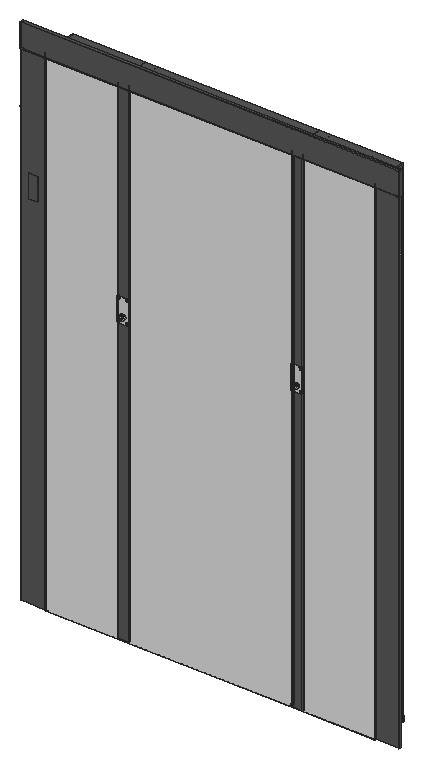
Revit family "88R0313XX", category Furniture, host Wall, Revit 2019
Family settings
  Host = Wall
  Always vertical = Yes
  Cut with Voids When Loaded = No
  Shared = No
  Room Calculation Point = No
Parameters (values of type "88R031312")
  V-CL-7 = no
  V-CL-5 = yes
  V-CL-2 = no
  V-CL-1 = yes
  V-4.5-1 = no
  URL = "https://palmerhamilton.com/"
  Type Comments = "Wall Pocket"  # constant formula
  Table Top Laminate [instance] = Laminate, Non-Logo
  Table Closed [instance] = yes
  T-Edge-Dist = 0' - 0 1/2"
  Single Retro Fit = yes
  Side Ch = 0' - 4"
  Product = "https://palmerhamilton.com/product/wall-pockets/"
  Model = "88R031312"
  Metal Frame [instance] = Frame, Powder Coat, Black
  Manufacturer = "Palmer Hamilton"  # constant formula
  Lockset [instance] = Frame, Powder Coat, Silver Metallic
  H-CL-10"L-1 = no
  Edge Ext-Dist = 0' - 0.445"
  Double Retro-Fit = no
  Description = "Single Retro-Fit Pocket"
  Depth = 0' - 5 223/256"
  Bench Top Laminate [instance] = Laminate, Non-Logo
  36W CL = no
Reference planes (in)
  plane 1: y = 0
  plane 2 "Center (Left/Right)": x = 0
  plane 3 "Wall Edge": y = 3
Lines and regions (in)
  Opening 1
    outline origin (-60, -3, 0) x (1, 0, 0) y (0, 0, 1)
      loop
        line (28.64638, 0) -> (91.35398, 0) -> (91.35398, 85.80096) -> (28.64638, 85.80096) -> (28.64638, 0)
Text (in)
  text "Placement Side" at (0, 40.15149, 123.01588), in view "Right"
  text "Placement Side" at (-70.3804, 28.46503, 0), in view "Ref. Level"
  text "Placement Side" at (0, 81.62555, 140.59947), in view "Left"
Dimensions and locks (in)
  locked: plane 3 "Wall Edge" to host wall
  aligned and locked: host wall to nested 1
Nested families (in)
  nested 1: "8XR0313XX" at (201.75035, -26.15121, -0.24656), Table Closed <- "Table Closed", type "88R031312"
    with Table Closed yes
Definition of nested family "8XR0313XX"
  Parameters (values of type "-")
    V-CL-7 = no
    V-CL-6 = no
    V-CL-5 = yes
    URL = ""
    Type Comments = ""
    Thrid Retro-Fit = no
    Table Top Laminate = none
    Table Closed [instance] = yes
    T-Edge-Dist = 0' - 0 1/2"
    Single Retro Fit = yes
    Side Ch = 0' - 4"
    Salvage or Reuse = yes
    Product Documentation Link = ""
    Percentage of Recycled Content = 0
    Model = ""
    Metal Frame = none
    Manufacturer = ""
    Low Emitting Material = yes
    Low Emitting Finish = yes
    Lockset = none
    Keynote = ""
    Head Pice H = 7' - 9.99656"
    H-CL-16"L-2 = no
    H-CL-16"L-1 = no
    H-CL-10"L-1 = no
    Four Retro-Fit = no
    Edge Ext-Dist = 0' - 0.445"
    Double Retro-Fit = no
    Description = ""
    Depth = 0' - 5 223/256"
    Cost = 0
    V-CL-4 = no
    V-CL-3 = no
    V-CL-2 = no
    V-CL-1 = yes
    Bench Top Laminate = none
    Assembly Code = ""
    V-4.5-3 = no
    V-4.5-2 = no
    V-4.5-1 = no
    48W CL = no
    36W CL = no
  Reference planes (in)
    plane 1: z = 0
    plane 2: y = 23.15121
    plane 3: y = 29.08211
    plane 4: y = 29.02231
    plane 5: y = 23.21102
    plane 6: y = 29.00078
    plane 7: y = 28.93737
    plane 8: x = -201.75
    plane 9: y = 23.59621
    plane 10: y = 27.80207
    plane 11: y = 23.80207
    plane 12: z = 93.99656
    plane 13: x = -229.13542
  Forms (in)
    Extrusion 1, solid, material <- "Metal Frame"
      sketch origin (0, 20.00001, 0) x (1, 0, 0) y (0, 1, 0)
        loop
          line (-232.98402, 3.21101) -> (-229.13542, 3.21101)
          arc (-229.13542, 3.21101) -> (-229.05071, 3.24609) -> (-229.01562, 3.3308) r 0.1198
          line (-229.01562, 3.3308) -> (-229.01562, 8.96304)
          arc (-229.01562, 8.96304) -> (-228.99827, 9.00494) -> (-228.95637, 9.0223) r 0.05926
          line (-228.95637, 9.0223) -> (-228.07542, 9.0223) -> (-228.07542, 9.0821) -> (-228.95662, 9.0821)
          arc (-228.95662, 9.0821) -> (-229.04063, 9.0473) -> (-229.07542, 8.96329) r 0.11881
          line (-229.07542, 8.96329) -> (-229.07542, 3.33144)
          arc (-229.07542, 3.33144) -> (-229.09318, 3.28857) -> (-229.13606, 3.27081) r 0.06064
          line (-229.13606, 3.27081) -> (-232.9847, 3.27081)
          arc (-232.9847, 3.27081) -> (-233.02651, 3.28812) -> (-233.04382, 3.32993) r 0.05912
          line (-233.04382, 3.32993) -> (-233.04382, 3.59619) -> (-233.10362, 3.59619) -> (-233.10362, 3.33061)
          arc (-233.10362, 3.33061) -> (-233.06859, 3.24604) -> (-232.98402, 3.21101) r 0.11961
      from 0.24656 to 82.99656
    Extrusion 2, void
      sketch origin (20, 27.20314, 0) x (1, 0, 0) y (0, 0, 1)
        loop
          line (-247.89301, 1.24656) -> (-249.23818, 1.24656) -> (-249.23818, 0.24656) -> (-247.89301, 0.24656) -> (-247.89301, 1.24656)
        loop
          line (-249.26533, 69.48969) -> (-248.07542, 69.48969) -> (-248.07542, 70.54211) -> (-249.26533, 70.54211) -> (-249.26533, 69.48969)
      from -1.87897 to -1.81917
    Extrusion 3, solid, material <- "Metal Frame"
      sketch origin (0, 0.00001, 60.5) x (1, 0, 0) y (0, 1, 0)
        loop
          line (-231.76562, 23.20901) -> (-230.26562, 23.20901) -> (-230.26562, 23.33061) -> (-231.76562, 23.33061) -> (-231.76562, 23.20901)
      from -0.25344 to 3.53656
    Extrusion 4, solid
      sketch origin (-10.875, -7.01274, 48) x (0, 1, 0) y (0, 0, 1)
        loop
          line (30.255, 25.47369) -> (30.60895, 25.47369) -> (30.60895, 25.53349) -> (30.255, 25.53349) -> (30.255, 25.47369)
      from -222.3098 to -222.21875
    Extrusion 5, solid
      sketch origin (-392.625, -7.01274, 48) x (0, 1, 0) y (0, 0, -1)
        loop
          line (30.255, -25.47369) -> (30.255, -25.53349) -> (30.60895, -25.53349) -> (30.60895, -25.47369) -> (30.255, -25.47369)
      from -222.3098 to -222.21875
    Extrusion 6, solid, material <- "Lockset"
      sketch origin (-216.14062, 23.15121, 42.90461) x (0, 0, 1) y (-1, 0, 0)
        loop
          line (8.25344, -0.6875) -> (8.25344, 0.6875)
          arc (8.25344, 0.6875) -> (8.18021, 0.86428) -> (8.00344, 0.9375) r 0.25
          line (8.00344, 0.9375) -> (4.50344, 0.9375)
          arc (4.50344, 0.9375) -> (4.32666, 0.86428) -> (4.25344, 0.6875) r 0.25
          line (4.25344, 0.6875) -> (4.25344, -0.6875)
          arc (4.25344, -0.6875) -> (4.32666, -0.86428) -> (4.50344, -0.9375) r 0.25
          line (4.50344, -0.9375) -> (8.00344, -0.9375)
          arc (8.00344, -0.9375) -> (8.18021, -0.86428) -> (8.25344, -0.6875) r 0.25
      from -0.0598 to 0
    Revolve 7, solid, material <- "Lockset"
      sketch origin (-216.1404, 5.51162, 35.27961) x (0, -1, 0) y (0, 0, -1)
        loop
          line (-17.34621, -12.87835) -> (-17.63958, -12.87835) -> (-17.63958, -13.31444) -> (-17.49876, -13.31444) -> (-17.40532, -13.26049) -> (-17.40532, -13.22958) -> (-17.37337, -13.22958) -> (-17.34621, -13.21389) -> (-17.34621, -12.87835)
        axis (-17.34621, -12.87835) -> (-17.63958, -12.87835)
      angle from 0 to 360
    Extrusion 8, void
      sketch origin (-216.1404, 22.85783, 48.15796) x (0, 0, 1) y (-1, 0, 0)
        loop
          line (-0.04588, 0.04619) -> (-0.22265, -0.13059) -> (-0.13073, -0.22251) -> (0.04605, -0.04573) -> (-0.04588, 0.04619)
      from -0.11757 to 0.00802
    Revolve 9, solid, material <- "Lockset"
      sketch origin (-216.82692, 5.51162, 50.52961) x (0, -1, 0) y (0, 0, -1)
        loop
          line (-17.66107, 3.30931) -> (-17.62548, 3.18576) -> (-17.67209, 3.18576) -> (-17.67209, 3.12268) -> (-17.63958, 3.12268) -> (-17.63958, 3.17893) -> (-17.60663, 3.17893)
          arc (-17.60663, 3.17893) -> (-17.59142, 3.18694) -> (-17.58851, 3.20388) r 0.01945
          line (-17.58851, 3.20388) -> (-17.62944, 3.30931) -> (-17.66107, 3.30931)
        axis (-17.67209, 3.12268) -> (-17.58851, 3.12268)
      angle from 0 to 360
    Revolve 10, solid, material <- "Lockset"
      sketch origin (-215.45433, 5.51162, 50.52961) x (0, -1, 0) y (0, 0, 1)
        loop
          line (-17.66107, -3.30931) -> (-17.62944, -3.30931) -> (-17.58851, -3.20388)
          arc (-17.58851, -3.20388) -> (-17.59142, -3.18694) -> (-17.60663, -3.17893) r 0.01945
          line (-17.60663, -3.17893) -> (-17.63958, -3.17893) -> (-17.63958, -3.12268) -> (-17.67209, -3.12268) -> (-17.67209, -3.18576) -> (-17.62548, -3.18576) -> (-17.66107, -3.30931)
        axis (-17.67209, -3.12268) -> (-17.58851, -3.12268)
      angle from 0 to 360
    Extrusion 11, solid, material <- "Lockset"
      sketch origin (-187.35937, 23.15121, 42.90461) x (0, 0, 1) y (-1, 0, 0)
        loop
          arc (8.25344, 0.6875) -> (8.18021, 0.86428) -> (8.00344, 0.9375) r 0.25
          line (8.00344, 0.9375) -> (4.50344, 0.9375)
          arc (4.50344, 0.9375) -> (4.32666, 0.86428) -> (4.25344, 0.6875) r 0.25
          line (4.25344, 0.6875) -> (4.25344, -0.6875)
          arc (4.25344, -0.6875) -> (4.32666, -0.86428) -> (4.50344, -0.9375) r 0.25
          line (4.50344, -0.9375) -> (8.00344, -0.9375)
          arc (8.00344, -0.9375) -> (8.18021, -0.86428) -> (8.25344, -0.6875) r 0.25
          line (8.25344, -0.6875) -> (8.25344, 0.6875)
      from -0.0598 to 0
    Revolve 12, solid, material <- "Lockset"
      sketch origin (-187.3596, 5.51162, 35.27961) x (0, -1, 0) y (0, 0, 1)
        loop
          line (-17.34621, 12.87835) -> (-17.34621, 13.21389) -> (-17.37337, 13.22958) -> (-17.40532, 13.22958) -> (-17.40532, 13.26049) -> (-17.49876, 13.31444) -> (-17.63958, 13.31444) -> (-17.63958, 12.87835) -> (-17.34621, 12.87835)
        axis (-17.34621, 12.87835) -> (-17.63958, 12.87835)
      angle from 0 to 360
    Extrusion 13, void
      sketch origin (-187.3596, 22.85783, 48.15796) x (1, 0, 0) y (0, 0, 1)
        loop
          line (0.04619, -0.04588) -> (-0.04573, 0.04605) -> (-0.22251, -0.13073) -> (-0.13059, -0.22265) -> (0.04619, -0.04588)
      from -0.11757 to 0.00802
    Revolve 14, solid, material <- "Lockset"
      sketch origin (-186.67308, 5.51162, 50.52961) x (0, -1, 0) y (0, 0, 1)
        loop
          line (-17.66107, -3.30931) -> (-17.62944, -3.30931) -> (-17.58851, -3.20388)
          arc (-17.58851, -3.20388) -> (-17.59142, -3.18694) -> (-17.60663, -3.17893) r 0.01945
          line (-17.60663, -3.17893) -> (-17.63958, -3.17893) -> (-17.63958, -3.12268) -> (-17.67209, -3.12268) -> (-17.67209, -3.18576) -> (-17.62548, -3.18576) -> (-17.66107, -3.30931)
        axis (-17.67209, -3.12268) -> (-17.58851, -3.12268)
      angle from 0 to 360
    Revolve 15, solid, material <- "Lockset"
      sketch origin (-188.04567, 5.51162, 50.52961) x (0, -1, 0) y (0, 0, -1)
        loop
          line (-17.66107, 3.30931) -> (-17.62548, 3.18576) -> (-17.67209, 3.18576) -> (-17.67209, 3.12268) -> (-17.63958, 3.12268) -> (-17.63958, 3.17893) -> (-17.60663, 3.17893)
          arc (-17.60663, 3.17893) -> (-17.59142, 3.18694) -> (-17.58851, 3.20388) r 0.01945
          line (-17.58851, 3.20388) -> (-17.62944, 3.30931) -> (-17.66107, 3.30931)
        axis (-17.67209, 3.12268) -> (-17.58851, 3.12268)
      angle from 0 to 360
    Extrusion 16, solid, material <- "Metal Frame"
      sketch origin (-403.5, 20.00001, 0) x (-1, 0, 0) y (0, -1, 0)
        loop
          arc (-232.98402, -3.21101) -> (-233.06859, -3.24604) -> (-233.10362, -3.33061) r 0.11961
          line (-233.10362, -3.33061) -> (-233.10362, -3.59619) -> (-233.04382, -3.59619) -> (-233.04382, -3.32993)
          arc (-233.04382, -3.32993) -> (-233.02651, -3.28812) -> (-232.9847, -3.27081) r 0.05912
          line (-232.9847, -3.27081) -> (-229.13606, -3.27081)
          arc (-229.13606, -3.27081) -> (-229.09318, -3.28857) -> (-229.07542, -3.33144) r 0.06064
          line (-229.07542, -3.33144) -> (-229.07542, -8.96329)
          arc (-229.07542, -8.96329) -> (-229.04063, -9.0473) -> (-228.95662, -9.0821) r 0.11881
          line (-228.95662, -9.0821) -> (-228.07542, -9.0821) -> (-228.07542, -9.0223) -> (-228.95637, -9.0223)
          arc (-228.95637, -9.0223) -> (-228.99827, -9.00494) -> (-229.01562, -8.96304) r 0.05926
          line (-229.01562, -8.96304) -> (-229.01562, -3.3308)
          arc (-229.01562, -3.3308) -> (-229.05071, -3.24609) -> (-229.13542, -3.21101) r 0.1198
          line (-229.13542, -3.21101) -> (-232.98402, -3.21101)
      from 0.24656 to 82.99656
    Extrusion 17, solid, material <- "Metal Frame"
      sketch origin (-219.33731, 23.21101, 41.62156) x (1, 0, 0) y (0, 0, 1)
        loop
          arc (-9.80062, -41.31523) -> (-9.7656, -41.39978) -> (-9.68105, -41.4348) r 0.11957
          line (-9.68105, -41.4348) -> (44.85516, -41.4348)
          arc (44.85516, -41.4348) -> (44.93971, -41.39978) -> (44.97473, -41.31523) r 0.11957
          line (44.97473, -41.31523) -> (44.97473, -40.4348) -> (44.91493, -40.4348) -> (44.91493, -41.3157)
          arc (44.91493, -41.3157) -> (44.89756, -41.35763) -> (44.85563, -41.375) r 0.0593
          line (44.85563, -41.375) -> (-9.68152, -41.375)
          arc (-9.68152, -41.375) -> (-9.72345, -41.35763) -> (-9.74082, -41.3157) r 0.0593
          line (-9.74082, -41.3157) -> (-9.74082, -40.4348) -> (-9.80062, -40.4348) -> (-9.80062, -41.31523)
      from -5.81131 to -1.3098
    Extrusion 18, void
      sketch origin (-201.75, 26.68334, 0.24656) x (-1, 0, 0) y (0, -1, 0)
        loop
          circle (25.3277, 0.03408) r 0.18622
        loop
          circle (11.3902, 0.03408) r 0.18622
        loop
          circle (-11.38975, 0.03408) r 0.18622
        loop
          circle (-25.32258, 0.03408) r 0.18622
      from -0.47754 to 0.1821
    Extrusion 19, solid, material <- "Metal Frame"
      sketch origin (0, 0, 0) x (1, 0, 0) y (0, 1, 0)
        loop
          line (-229.07542, 29.02351) -> (-229.07542, 23.33146) -> (-174.42457, 23.33146) -> (-174.42457, 29.02351) -> (-229.07542, 29.02351)
      from 82.99656 to 83.11616
    Extrusion 20, solid, material <- "Metal Frame"
      sketch origin (0, 0, 0) x (1, 0, 0) y (0, 1, 0)
        loop
          line (-228.95159, 29.00078) -> (-228.95159, 28.93737) -> (-217.12787, 28.93737) -> (-217.12787, 29.00078) -> (-228.95159, 29.00078)
        loop
          line (-174.53051, 28.93737) -> (-174.53051, 29.00078) -> (-186.3771, 29.00078) -> (-186.3771, 28.93737) -> (-174.53051, 28.93737)
        loop
          line (-215.16851, 28.93737) -> (-188.33426, 28.93737) -> (-188.33426, 29.00078) -> (-215.16851, 29.00078) -> (-215.16851, 28.93737)
      from 0.18676 to 82.99656
    Extrusion 21, void
      sketch origin (-174.53051, 28.93737, 0) x (1, 0, 0) y (0, 0, -1)
        loop
          circle (-53.0778, -69.36847) r 0.25
        loop
          circle (-44.01743, -69.36847) r 0.25
        loop
          circle (-53.0778, -1.36933) r 0.25
        loop
          circle (-44.01743, -1.36933) r 0.25
        loop
          circle (-1.36118, -69.36847) r 0.25
        loop
          circle (-10.42155, -69.36847) r 0.25
        loop
          circle (-1.36118, -1.36933) r 0.25
        loop
          circle (-10.42155, -1.36933) r 0.25
      from -1.71774 to 32.21384
    Extrusion 22, solid, material <- "Metal Frame"
      sketch origin (-10.875, 12.98726, 48.24656) x (0, 1, 0) y (0, 0, 1)
        loop
          line (10.34972, -48.1875) -> (10.35907, -48.24656) -> (11.53355, -48.06055) -> (11.53355, -48) -> (10.34972, -48.1875)
      from -218.20042 to -163.54957
    Revolve 23, solid, material <- "Lockset"
      sketch origin (-216.82692, 5.51162, 47.78649) x (0, -1, 0) y (0, 0, -1)
        loop
          line (-17.66107, -3.30931) -> (-17.62944, -3.30931) -> (-17.58851, -3.20388)
          arc (-17.58851, -3.20388) -> (-17.59142, -3.18694) -> (-17.60663, -3.17893) r 0.01945
          line (-17.60663, -3.17893) -> (-17.63958, -3.17893) -> (-17.63958, -3.12268) -> (-17.67209, -3.12268) -> (-17.67209, -3.18576) -> (-17.62548, -3.18576) -> (-17.66107, -3.30931)
        axis (-17.67209, -3.12268) -> (-17.58851, -3.12268)
      angle from 0 to 360
    Revolve 24, solid, material <- "Lockset"
      sketch origin (-215.45433, 5.51162, 47.78649) x (0, -1, 0) y (0, 0, 1)
        loop
          line (-17.66107, 3.30931) -> (-17.62548, 3.18576) -> (-17.67209, 3.18576) -> (-17.67209, 3.12268) -> (-17.63958, 3.12268) -> (-17.63958, 3.17893) -> (-17.60663, 3.17893)
          arc (-17.60663, 3.17893) -> (-17.59142, 3.18694) -> (-17.58851, 3.20388) r 0.01945
          line (-17.58851, 3.20388) -> (-17.62944, 3.30931) -> (-17.66107, 3.30931)
        axis (-17.67209, 3.12268) -> (-17.58851, 3.12268)
      angle from 0 to 360
    Revolve 25, solid, material <- "Lockset"
      sketch origin (-186.67308, 5.51162, 47.78649) x (0, -1, 0) y (0, 0, 1)
        loop
          line (-17.66107, 3.30931) -> (-17.62548, 3.18576) -> (-17.67209, 3.18576) -> (-17.67209, 3.12268) -> (-17.63958, 3.12268) -> (-17.63958, 3.17893) -> (-17.60663, 3.17893)
          arc (-17.60663, 3.17893) -> (-17.59142, 3.18694) -> (-17.58851, 3.20388) r 0.01945
          line (-17.58851, 3.20388) -> (-17.62944, 3.30931) -> (-17.66107, 3.30931)
        axis (-17.67209, 3.12268) -> (-17.58851, 3.12268)
      angle from 0 to 360
    Revolve 26, solid, material <- "Lockset"
      sketch origin (-188.04567, 5.51162, 47.78649) x (0, -1, 0) y (0, 0, -1)
        loop
          line (-17.66107, -3.30931) -> (-17.62944, -3.30931) -> (-17.58851, -3.20388)
          arc (-17.58851, -3.20388) -> (-17.59142, -3.18694) -> (-17.60663, -3.17893) r 0.01945
          line (-17.60663, -3.17893) -> (-17.63958, -3.17893) -> (-17.63958, -3.12268) -> (-17.67209, -3.12268) -> (-17.67209, -3.18576) -> (-17.62548, -3.18576) -> (-17.66107, -3.30931)
        axis (-17.67209, -3.12268) -> (-17.58851, -3.12268)
      angle from 0 to 360
    Extrusion 27, solid, material <- "Bench Top Laminate", visible <- "Table Closed"
      sketch origin (0, 0, 0) x (1, 0, 0) y (0, 1, 0)
        loop
          line (-229.01562, 23.33146) -> (-217.14163, 23.33146) -> (-217.14163, 23.44338) -> (-229.01562, 23.44338) -> (-229.01562, 23.33146)
      from 0 to 82.99656
    Extrusion 28, solid, material <- "Table Top Laminate", visible <- "Table Closed"
      sketch origin (13.87528, 0, 0) x (1, 0, 0) y (0, 1, 0)
        loop
          line (-229.01562, 23.33146) -> (-202.23566, 23.33146) -> (-202.23566, 23.44338) -> (-229.01562, 23.44338) -> (-229.01562, 23.33146)
      from 0 to 82.99656
    Extrusion 29, solid, material <- "Bench Top Laminate", visible <- "Table Closed"
      sketch origin (42.65653, 0, 0) x (1, 0, 0) y (0, 1, 0)
        loop
          line (-229.01562, 23.33146) -> (-217.1409, 23.33146) -> (-217.1409, 23.44338) -> (-229.01562, 23.44338) -> (-229.01562, 23.33146)
      from 0 to 82.99656
  Cuts and joins
    Extrusion 2 cuts Extrusion 1
    joined: Extrusion 4, Extrusion 5
    Extrusion 8, Extrusion 13 cuts Revolve 7
    Extrusion 13 cuts Revolve 12
    Extrusion 18 cuts Extrusion 17
    Extrusion 21 cuts Extrusion 20
  Lines and regions (in)
    model lines
      curve 1: line (-227.32812, 28.93737, 37.13645) -> (-218.84375, 28.93737, 37.13645)
      curve 2: line (-227.32812, 28.93737, 32.71458) -> (-227.32812, 28.93737, 37.13645)
      curve 3: line (-218.84375, 28.93737, 32.71458) -> (-227.32812, 28.93737, 32.71458)
      curve 4: line (-218.84375, 28.93737, 37.13645) -> (-218.84375, 28.93737, 32.71458)
      curve 5: line (-206, 28.93737, 37.13645) -> (-197.51562, 28.93737, 37.13645)
      curve 6: line (-206, 28.93737, 32.71458) -> (-206, 28.93737, 37.13645)
      curve 7: line (-197.51562, 28.93737, 32.71458) -> (-206, 28.93737, 32.71458)
      curve 8: line (-197.51562, 28.93737, 37.13645) -> (-197.51562, 28.93737, 32.71458)
      curve 9: line (-204.5, 28.93737, 27.43333) -> (-199, 28.93737, 27.43333)
      curve 10: line (-204.5, 28.93737, 23.18333) -> (-204.5, 28.93737, 27.43333)
      curve 11: line (-199, 28.93737, 23.18333) -> (-204.5, 28.93737, 23.18333)
      curve 12: line (-199, 28.93737, 27.43333) -> (-199, 28.93737, 23.18333)
      curve 13: line (-184.67187, 28.93737, 37.13645) -> (-176.17187, 28.93737, 37.13645)
      curve 14: line (-184.67187, 28.93737, 32.71458) -> (-184.67187, 28.93737, 37.13645)
      curve 15: line (-176.17187, 28.93737, 32.71458) -> (-184.67187, 28.93737, 32.71458)
      curve 16: line (-176.17187, 28.93737, 37.13645) -> (-176.17187, 28.93737, 32.71458)
  Dimensions and locks (in)
    locked: plane 4 to plane 3 at 0.0598
    "Depth": plane 5 to plane 3
    locked: plane 7 to plane 6 at 0.06341
    locked: plane 6 to plane 4 at 0.02154
    "Edge Ext-Dist": plane 2 to plane 9
    locked: plane 2 to plane 11 at 0.65086
    "Side Ch": plane 10 to plane 11
    aligned and locked: level to plane 1
    aligned and locked: plane 5 to Extrusion 1 sketch curve
    aligned and locked: plane 3 to Extrusion 1 sketch curve
    aligned and locked: plane 4 to Extrusion 1 sketch curve
    aligned and locked: Extrusion 2 to Extrusion 1  (x2)
    aligned and locked: Extrusion 17 to cut or joined group of Extrusion 1, Extrusion 2
    aligned and locked: Extrusion 20 sketch curve to plane 7
    aligned and locked: plane 6 to Extrusion 20 sketch curve
    aligned and locked: nested 1 to cut or joined group of Extrusion 20, Extrusion 21
    aligned and locked: cut or joined group of Extrusion 20, Extrusion 21 to nested 2
    aligned and locked: nested 3 to cut or joined group of Extrusion 20, Extrusion 21
    aligned and locked: cut or joined group of Extrusion 20, Extrusion 21 to nested 4
    aligned and locked: plane 9 to Extrusion 1 sketch curve
    aligned and locked: plane 9 to Extrusion 16 sketch curve
    aligned and locked: plane 9 to Extrusion 4 sketch curve
  Automatic sketch dimensions
    Extrusion 1 sketch curve to plane 13 = 0' - 0"
    Extrusion 1 sketch curve to plane 13 = 0' - 0.00064"
    Extrusion 1 sketch curve to plane 5 = 0' - 0.11961"
    Extrusion 1 sketch curve to Extrusion 1 sketch curve = 0' - 3.84796"
    Extrusion 1 sketch curve to Extrusion 1 sketch curve = 0' - 0.00069"
    Extrusion 1 sketch curve to Extrusion 1 sketch curve = 0' - 0.0598"  (x2)
    Extrusion 1 sketch curve to plane 7 = 0' - 0.02594"
    plane 13 to Extrusion 1 sketch curve = 0' - 0.06"
    Extrusion 1 sketch curve to Extrusion 1 sketch curve = 0' - 0.00025"
    Extrusion 1 sketch curve to Extrusion 1 sketch curve = 0' - 0.88119"
    Extrusion 1 sketch curve to plane 5 = 0' - 0.0598"
    Extrusion 2 sketch curve to plane 13 = 0' - 0.12991"
    Extrusion 2 sketch curve to plane 13 = 0' - 0.10276"
    plane 13 to Extrusion 2 sketch curve = 0' - 1.06"
    level to Extrusion 2 sketch curve = 0' - 0.24656"
    plane 13 to Extrusion 2 sketch curve = 0' - 1.24241"
    Extrusion 2 sketch curve to Extrusion 2 sketch curve = 0' - 1"
    Extrusion 2 sketch curve to plane 12 = 2' - 0.50687"
    Extrusion 2 sketch curve to Extrusion 2 sketch curve = 0' - 1.05241"
    Extrusion 3 sketch curve to plane 5 = 0' - 0.1196"
    Extrusion 3 sketch curve to plane 13 = 0' - 2.6302"
    Extrusion 3 sketch curve to plane 13 = 0' - 1.1302"
    plane 5 to Extrusion 3 sketch curve = 0' - 0.002"
    Extrusion 4 sketch curve to plane 5 = 0' - 0 1/32"
    Extrusion 4 sketch curve to plane 12 = 1' - 8.52287"
    Extrusion 4 sketch curve to Extrusion 4 sketch curve = 0' - 0.0598"
    Extrusion 5 sketch curve to plane 9 = 0' - 0"
    Extrusion 5 sketch curve to plane 5 = 0' - 0 1/32"
    Extrusion 5 sketch curve to plane 12 = 1' - 8.46307"
    Extrusion 5 sketch curve to Extrusion 5 sketch curve = 0' - 0.0598"
    plane 13 to Extrusion 6 sketch curve = 1' - 1.6823"
    Extrusion 6 sketch curve to plane 12 = 3' - 10.83851"
    Extrusion 6 sketch curve to Extrusion 6 sketch curve = 0' - 0 1/4"  (x3)
    Extrusion 6 sketch curve to Extrusion 6 sketch curve = 0' - 3 1/2"
    Extrusion 6 sketch curve to Extrusion 6 sketch curve = 0' - 0"
    Extrusion 6 sketch curve to Extrusion 6 sketch curve = 0' - 1 3/8"
    Revolve 7 sketch curve to plane 2 = 0' - 0"
    Revolve 7 sketch curve to Revolve 7 sketch curve = 0' - 0.14083"
    Revolve 7 sketch curve to Revolve 7 sketch curve = 0' - 0.09344"
    Revolve 7 sketch curve to Revolve 7 sketch curve = 0' - 0.03194"
    Revolve 7 sketch curve to Revolve 7 sketch curve = 0' - 0.29337"
    Revolve 7 sketch curve to plane 12 = 3' - 9.40251"
    Revolve 7 sketch curve to Revolve 7 sketch curve = 0' - 0.05395"
    Revolve 7 sketch curve to Revolve 7 sketch curve = 0' - 0.03091"
    Revolve 7 sketch curve to Revolve 7 sketch curve = 0' - 0.01568"
    Revolve 7 sketch curve to Revolve 7 sketch curve = 0' - 0.33554"
    Revolve 7 sketch curve to plane 5 = 0' - 0.08257"
    Revolve 7 sketch curve to Revolve 7 sketch curve = 0' - 0"  (x2)
    Revolve 7 to Extrusion 8 sketch curve = 0' - 0.13059"
    Revolve 7 to Extrusion 8 sketch curve = 0' - 0.22251"
    Extrusion 8 sketch curve to Extrusion 8 sketch curve = 0' - 0.09192"
    Extrusion 8 sketch curve to Revolve 7 = 0' - 0.04619"
    Extrusion 8 sketch curve to Extrusion 8 sketch curve = 0' - 0.17678"
    Revolve 9 sketch curve to plane 2 = 0' - 0"
    Revolve 9 sketch curve to plane 2 = 0' - 0.02148"
    plane 5 to Revolve 9 sketch curve = 0' - 0.02731"
    plane 2 to Revolve 9 sketch curve = 0' - 0.01014"
    plane 2 to Revolve 9 sketch curve = 0' - 0.0141"
    Revolve 9 sketch curve to Revolve 9 sketch curve = 0' - 0.01833"
    Revolve 9 sketch curve to Revolve 9 sketch curve = 0' - 0.00053"
    Revolve 9 sketch curve to Revolve 9 sketch curve = 0' - 0.01865"
    Revolve 9 sketch curve to plane 12 = 3' - 10.58963"
    Revolve 9 sketch curve to Revolve 9 sketch curve = 0' - 0.05625"
    Revolve 9 sketch curve to Revolve 9 sketch curve = 0' - 0.00683"
    Revolve 9 sketch curve to Revolve 9 sketch curve = 0' - 0.01944"
    Revolve 9 sketch curve to Revolve 9 sketch curve = 0' - 0.10543"
    Revolve 9 sketch curve to Revolve 9 sketch curve = 0' - 0.00195"
    Revolve 9 sketch curve to Revolve 9 sketch curve = 0' - 0.10577"
    Revolve 9 sketch curve to Revolve 9 sketch curve = 0' - 0"
    Revolve 10 sketch curve to plane 2 = 0' - 0"
    Revolve 10 sketch curve to plane 2 = 0' - 0.02148"
    plane 5 to Revolve 10 sketch curve = 0' - 0.02731"
    plane 2 to Revolve 10 sketch curve = 0' - 0.01014"
    plane 2 to Revolve 10 sketch curve = 0' - 0.0141"
    Revolve 10 sketch curve to Revolve 10 sketch curve = 0' - 0.01833"
    Revolve 10 sketch curve to Revolve 10 sketch curve = 0' - 0.00053"
    Revolve 10 sketch curve to Revolve 10 sketch curve = 0' - 0.01865"
    Revolve 10 sketch curve to plane 12 = 3' - 10.77626"
    Revolve 10 sketch curve to Revolve 10 sketch curve = 0' - 0.10543"
    Revolve 10 sketch curve to Revolve 10 sketch curve = 0' - 0.00551"
    Revolve 10 sketch curve to Revolve 10 sketch curve = 0' - 0.00683"
    Revolve 10 sketch curve to Revolve 10 sketch curve = 0' - 0.06308"
    Revolve 10 sketch curve to Revolve 10 sketch curve = 0' - 0.00195"
    Revolve 10 sketch curve to Revolve 10 sketch curve = 0' - 0.10577"
    Revolve 10 sketch curve to Revolve 10 sketch curve = 0' - 0"
    plane 8 to Extrusion 11 sketch curve = 1' - 1 45/64"
    Extrusion 11 sketch curve to plane 12 = 3' - 10.83851"
    Extrusion 11 sketch curve to Extrusion 11 sketch curve = 0' - 0 1/4"  (x3)
    Extrusion 11 sketch curve to Extrusion 11 sketch curve = 0' - 3 1/2"
    Extrusion 11 sketch curve to Extrusion 11 sketch curve = 0' - 0"
    Extrusion 11 sketch curve to Extrusion 11 sketch curve = 0' - 1 3/8"
    Revolve 12 sketch curve to plane 2 = 0' - 0"
    plane 2 to Revolve 12 sketch curve = 0' - 0.14083"
    Revolve 12 sketch curve to Revolve 12 sketch curve = 0' - 0.09344"
    Revolve 12 sketch curve to Revolve 12 sketch curve = 0' - 0.03194"
    plane 2 to Revolve 12 sketch curve = 0' - 0.29337"
    Revolve 12 sketch curve to plane 12 = 3' - 9.8386"
    Revolve 12 sketch curve to Revolve 12 sketch curve = 0' - 0.33554"
    Revolve 12 sketch curve to Revolve 12 sketch curve = 0' - 0.01568"
    Revolve 12 sketch curve to Revolve 12 sketch curve = 0' - 0.03091"
    Revolve 12 sketch curve to Revolve 12 sketch curve = 0' - 0.05395"
    Revolve 12 sketch curve to plane 5 = 0' - 0.08257"
    Revolve 12 sketch curve to Revolve 12 sketch curve = 0' - 0"  (x2)
    Revolve 12 to Extrusion 13 sketch curve = 0' - 0.22251"
    Extrusion 13 sketch curve to Extrusion 13 sketch curve = 0' - 0.09192"  (x2)
    Revolve 12 to Extrusion 13 sketch curve = 0' - 0.04573"
    Extrusion 13 sketch curve to Revolve 12 = 0' - 0.04619"
    Revolve 14 sketch curve to plane 2 = 0' - 0"
    Revolve 14 sketch curve to plane 2 = 0' - 0.02148"
    plane 5 to Revolve 14 sketch curve = 0' - 0.02731"
    plane 2 to Revolve 14 sketch curve = 0' - 0.01014"
    plane 2 to Revolve 14 sketch curve = 0' - 0.0141"
    Revolve 14 sketch curve to Revolve 14 sketch curve = 0' - 0.01833"
    Revolve 14 sketch curve to Revolve 14 sketch curve = 0' - 0.00053"
    Revolve 14 sketch curve to Revolve 14 sketch curve = 0' - 0.01865"
    Revolve 14 sketch curve to plane 12 = 3' - 10.77626"
    Revolve 14 sketch curve to Revolve 14 sketch curve = 0' - 0.10543"
    Revolve 14 sketch curve to Revolve 14 sketch curve = 0' - 0.00551"
    Revolve 14 sketch curve to Revolve 14 sketch curve = 0' - 0.00683"
    Revolve 14 sketch curve to Revolve 14 sketch curve = 0' - 0.06308"
    Revolve 14 sketch curve to Revolve 14 sketch curve = 0' - 0.00195"
    Revolve 14 sketch curve to Revolve 14 sketch curve = 0' - 0.10577"
    Revolve 14 sketch curve to Revolve 14 sketch curve = 0' - 0"
    Revolve 15 sketch curve to plane 2 = 0' - 0"
    Revolve 15 sketch curve to plane 2 = 0' - 0.02148"
    plane 5 to Revolve 15 sketch curve = 0' - 0.02731"
    plane 2 to Revolve 15 sketch curve = 0' - 0.01014"
    plane 2 to Revolve 15 sketch curve = 0' - 0.0141"
    Revolve 15 sketch curve to Revolve 15 sketch curve = 0' - 0.01833"
    Revolve 15 sketch curve to Revolve 15 sketch curve = 0' - 0.00053"
    Revolve 15 sketch curve to Revolve 15 sketch curve = 0' - 0.01865"
    Revolve 15 sketch curve to plane 12 = 3' - 10.58963"
    Revolve 15 sketch curve to Revolve 15 sketch curve = 0' - 0.05625"
    Revolve 15 sketch curve to Revolve 15 sketch curve = 0' - 0.00683"
    Revolve 15 sketch curve to Revolve 15 sketch curve = 0' - 0.01944"
    Revolve 15 sketch curve to Revolve 15 sketch curve = 0' - 0.10543"
    Revolve 15 sketch curve to Revolve 15 sketch curve = 0' - 0.00195"
    Revolve 15 sketch curve to Revolve 15 sketch curve = 0' - 0.10577"
    Revolve 15 sketch curve to Revolve 15 sketch curve = 0' - 0"
    plane 5 to Extrusion 16 sketch curve = 0' - 0"
    plane 3 to Extrusion 16 sketch curve = 0' - 0"
    plane 4 to Extrusion 16 sketch curve = 0' - 0"
    Extrusion 16 sketch curve to plane 5 = 0' - 0.11961"
    plane 8 to Extrusion 16 sketch curve = 2' - 7.35362"
    Extrusion 16 sketch curve to Extrusion 16 sketch curve = 0' - 0.0598"  (x2)
    Extrusion 16 sketch curve to Extrusion 16 sketch curve = 0' - 0.00069"
    Extrusion 16 sketch curve to plane 5 = 0' - 0.12044"
    Extrusion 16 sketch curve to Extrusion 16 sketch curve = 0' - 3.84796"
    Extrusion 16 sketch curve to Extrusion 16 sketch curve = 0' - 0.00064"
    Extrusion 16 sketch curve to plane 7 = 0' - 0.02594"
    Extrusion 16 sketch curve to Extrusion 16 sketch curve = 0' - 0.06064"
    Extrusion 16 sketch curve to Extrusion 16 sketch curve = 0' - 0.00025"
    Extrusion 16 sketch curve to Extrusion 16 sketch curve = 0' - 0.88119"
    Extrusion 17 sketch curve to plane 13 = 0' - 0.0025"
    plane 13 to Extrusion 17 sketch curve = 0' - 0.0573"
    Extrusion 17 sketch curve to Extrusion 17 sketch curve = 0' - 0.0593"  (x2)
    Extrusion 17 sketch curve to Extrusion 17 sketch curve = 0' - 0.00047"  (x2)
    level to Extrusion 17 sketch curve = 0' - 0.30633"
    plane 8 to Extrusion 17 sketch curve = 2' - 3.26785"
    Extrusion 17 sketch curve to Extrusion 17 sketch curve = 0' - 0.0598"
    Extrusion 17 sketch curve to Extrusion 17 sketch curve = 0' - 0.05977"
    Extrusion 17 sketch curve to Extrusion 17 sketch curve = 0' - 0.8809"  (x2)
    Extrusion 18 sketch curve to plane 10 = 0' - 1.1528"  (x4)
    plane 8 to Extrusion 18 sketch curve = 2' - 1.32258"
    plane 8 to Extrusion 18 sketch curve = 0' - 11.38975"
    Extrusion 18 sketch curve to plane 8 = 0' - 11.3902"
    plane 13 to Extrusion 18 sketch curve = 0' - 2.05773"
    plane 13 to Extrusion 19 sketch curve = 0' - 0.06"
    Extrusion 19 sketch curve to plane 4 = 0' - 0.00119"
    plane 8 to Extrusion 19 sketch curve = 2' - 3.32542"
    Extrusion 19 sketch curve to plane 5 = 0' - 0.12044"
    plane 7 to Extrusion 20 sketch curve = 0' - 0"  (x2)
    plane 6 to Extrusion 20 sketch curve = 0' - 0"  (x2)
    plane 13 to Extrusion 20 sketch curve = 0' - 0.18384"
    Extrusion 20 sketch curve to Extrusion 20 sketch curve = 0' - 11.82372"
    Extrusion 20 sketch curve to Extrusion 20 sketch curve = 0' - 1.95936"
    plane 8 to Extrusion 20 sketch curve = 1' - 1.41574"
    Extrusion 20 sketch curve to Extrusion 20 sketch curve = 0' - 1.95715"
    Extrusion 20 sketch curve to Extrusion 20 sketch curve = 0' - 11.84659"
    plane 13 to Extrusion 21 sketch curve = 0' - 1.52711"  (x2)
    level to Extrusion 21 sketch curve = 0' - 1.36933"  (x4)
    Extrusion 21 sketch curve to Extrusion 21 sketch curve = 0' - 9.06037"  (x4)
    plane 8 to Extrusion 21 sketch curve = 1' - 4.79794"  (x2)
    Extrusion 21 sketch curve to plane 12 = 2' - 0.62809"  (x2)
    Extrusion 21 sketch curve to Extrusion 21 sketch curve = 0' - 0"  (x2)
    curve 16 to Extrusion 20 = 0' - 1.64136"
    curve 14 to Extrusion 20 = 0' - 1.70523"
    Extrusion 20 to curve 8 = 0' - 11.13852"
    curve 7 to curve 11 = 0' - 1 31/64"
    curve 9 to curve 9 = 0' - 5 1/2"
    curve 5 to curve 6 = 0' - 8 31/64"
    curve 6 to curve 4 = 1' - 0 27/32"
    curve 3 to curve 2 = 0' - 8 31/64"
    Extrusion 20 to curve 1 = 3' - 0.94969"
    Extrusion 20 to curve 13 = 3' - 0.94969"
    curve 8 to curve 13 = 0' - 0"
    curve 5 to curve 6 = 0' - 4 27/64"
    curve 1 to curve 4 = 0' - 4 27/64"
    curve 13 to curve 16 = 0' - 4 27/64"
    curve 7 to curve 12 = 0' - 5 9/32"
    curve 9 to curve 10 = 0' - 4 1/4"
    Extrusion 22 sketch curve to level = 0' - 0"
    level to Extrusion 22 sketch curve = 0' - 0.05906"
    Extrusion 22 sketch curve to plane 5 = 0' - 0.12596"
    Extrusion 22 sketch curve to Extrusion 22 sketch curve = 0' - 0.00935"
    level to Extrusion 22 sketch curve = 0' - 0.18602"
    Revolve 23 sketch curve to plane 2 = 0' - 0"
    Revolve 23 sketch curve to plane 2 = 0' - 0.02148"
    plane 5 to Revolve 23 sketch curve = 0' - 0.02731"
    plane 2 to Revolve 23 sketch curve = 0' - 0.01014"
    plane 2 to Revolve 23 sketch curve = 0' - 0.0141"
    Revolve 23 sketch curve to Revolve 23 sketch curve = 0' - 0.01833"
    Revolve 23 sketch curve to Revolve 23 sketch curve = 0' - 0.00053"
    Revolve 23 sketch curve to Revolve 23 sketch curve = 0' - 0.01865"
    Revolve 23 sketch curve to plane 12 = 3' - 6.90077"
    Revolve 23 sketch curve to Revolve 23 sketch curve = 0' - 0.10543"
    Revolve 23 sketch curve to Revolve 23 sketch curve = 0' - 0.00551"
    Revolve 23 sketch curve to Revolve 23 sketch curve = 0' - 0.00683"
    Revolve 23 sketch curve to Revolve 23 sketch curve = 0' - 0.06308"
    Revolve 23 sketch curve to Revolve 23 sketch curve = 0' - 0.00195"
    Revolve 23 sketch curve to Revolve 23 sketch curve = 0' - 0.10577"
    Revolve 23 sketch curve to Revolve 23 sketch curve = 0' - 0"
    Revolve 24 sketch curve to plane 2 = 0' - 0"
    Revolve 24 sketch curve to plane 2 = 0' - 0.02148"
    plane 5 to Revolve 24 sketch curve = 0' - 0.02731"
    plane 2 to Revolve 24 sketch curve = 0' - 0.01014"
    plane 2 to Revolve 24 sketch curve = 0' - 0.0141"
    Revolve 24 sketch curve to Revolve 24 sketch curve = 0' - 0.01833"
    Revolve 24 sketch curve to Revolve 24 sketch curve = 0' - 0.00053"
    Revolve 24 sketch curve to Revolve 24 sketch curve = 0' - 0.01865"
    Revolve 24 sketch curve to plane 12 = 3' - 7.0874"
    Revolve 24 sketch curve to Revolve 24 sketch curve = 0' - 0.05625"
    Revolve 24 sketch curve to Revolve 24 sketch curve = 0' - 0.00683"
    Revolve 24 sketch curve to Revolve 24 sketch curve = 0' - 0.01944"
    Revolve 24 sketch curve to Revolve 24 sketch curve = 0' - 0.10543"
    Revolve 24 sketch curve to Revolve 24 sketch curve = 0' - 0.00195"
    Revolve 24 sketch curve to Revolve 24 sketch curve = 0' - 0.10577"
    Revolve 24 sketch curve to Revolve 24 sketch curve = 0' - 0"
    Revolve 25 sketch curve to plane 2 = 0' - 0"
    Revolve 25 sketch curve to plane 2 = 0' - 0.02148"
    plane 5 to Revolve 25 sketch curve = 0' - 0.02731"
    plane 2 to Revolve 25 sketch curve = 0' - 0.01014"
    plane 2 to Revolve 25 sketch curve = 0' - 0.0141"
    Revolve 25 sketch curve to Revolve 25 sketch curve = 0' - 0.01833"
    Revolve 25 sketch curve to Revolve 25 sketch curve = 0' - 0.00053"
    Revolve 25 sketch curve to Revolve 25 sketch curve = 0' - 0.01865"
    Revolve 25 sketch curve to plane 12 = 3' - 7.0874"
    Revolve 25 sketch curve to Revolve 25 sketch curve = 0' - 0.05625"
    Revolve 25 sketch curve to Revolve 25 sketch curve = 0' - 0.00683"
    Revolve 25 sketch curve to Revolve 25 sketch curve = 0' - 0.01944"
    Revolve 25 sketch curve to Revolve 25 sketch curve = 0' - 0.10543"
    Revolve 25 sketch curve to Revolve 25 sketch curve = 0' - 0.00195"
    Revolve 25 sketch curve to Revolve 25 sketch curve = 0' - 0.10577"
    Revolve 25 sketch curve to Revolve 25 sketch curve = 0' - 0"
    Revolve 26 sketch curve to plane 2 = 0' - 0"
    Revolve 26 sketch curve to plane 2 = 0' - 0.02148"
    plane 5 to Revolve 26 sketch curve = 0' - 0.02731"
    plane 2 to Revolve 26 sketch curve = 0' - 0.01014"
    plane 2 to Revolve 26 sketch curve = 0' - 0.0141"
    Revolve 26 sketch curve to Revolve 26 sketch curve = 0' - 0.01833"
    Revolve 26 sketch curve to Revolve 26 sketch curve = 0' - 0.00053"
    Revolve 26 sketch curve to Revolve 26 sketch curve = 0' - 0.01865"
    Revolve 26 sketch curve to plane 12 = 3' - 6.90077"
    Revolve 26 sketch curve to Revolve 26 sketch curve = 0' - 0.10543"
    Revolve 26 sketch curve to Revolve 26 sketch curve = 0' - 0.00551"
    Revolve 26 sketch curve to Revolve 26 sketch curve = 0' - 0.00683"
    Revolve 26 sketch curve to Revolve 26 sketch curve = 0' - 0.06308"
    Revolve 26 sketch curve to Revolve 26 sketch curve = 0' - 0.00195"
    Revolve 26 sketch curve to Revolve 26 sketch curve = 0' - 0.10577"
    Revolve 26 sketch curve to Revolve 26 sketch curve = 0' - 0"
    plane 13 to Extrusion 27 sketch curve = 0' - 0.1198"
    plane 9 to Extrusion 27 sketch curve = 0' - 0.15283"
    Extrusion 27 sketch curve to Extrusion 27 sketch curve = 0' - 11.87399"
    Extrusion 27 sketch curve to Extrusion 27 sketch curve = 0' - 0.11192"
    plane 9 to Extrusion 28 sketch curve = 0' - 0.15283"
    Extrusion 28 sketch curve to plane 8 = 1' - 1.39035"
    plane 8 to Extrusion 28 sketch curve = 1' - 1.38962"
    Extrusion 28 sketch curve to Extrusion 28 sketch curve = 0' - 0.11192"
    plane 9 to Extrusion 29 sketch curve = 0' - 0.15283"
    plane 8 to Extrusion 29 sketch curve = 1' - 3.3909"
    Extrusion 29 sketch curve to Extrusion 29 sketch curve = 0' - 11.87472"
    Extrusion 29 sketch curve to Extrusion 29 sketch curve = 0' - 0.11192"
    radius of Extrusion 18 sketch curve = 0' - 0.18622"  (x4)
    radius of Extrusion 21 sketch curve = 0' - 0 1/4"  (x8)
  Nested families (in)
    nested 1: "Clamp" at (-180.32812, 4.44717, 0), type "Clamp"
    nested 2: "Clamp" at (-223.17187, 4.44717, 0) x (-1, 0, 0) z (0, 0, 1), type "Clamp"
    nested 3: "Clamp1" at (-170.88425, 4.44717, 0), type "Clamp1"
    nested 4: "Clamp1" at (-147.11163, 4.50697, 0), type "Clamp1"
    nested 5: "Clamp2" at (-159, 4.46931, 0), type "Clamp2"
    nested 6: "Clamp2" at (-180.32813, 4.46931, 0), visible <- "36W CL", type "Clamp2"
    nested 7: "Clamp2" at (-137.59375, 4.46931, 0), visible <- "36W CL", type "Clamp2"
    nested 8: "Clamp2" at (-159, 10.09431, 0), visible <- "36W CL", type "Clamp2"
    nested 9: "12inch" at (0.00028, 0, 0), visible <- "Single Retro Fit", type "88R031312"
    nested 10: "14inch" at (-0.00101, 0.00049, 0), visible <- "Double Retro-Fit", type "88R031324"
    nested 11: "Clamp2" at (-180.25, 10.09431, 0), visible <- "36W CL", type "Clamp2"
    nested 12: "Clamp2" at (-137.59375, 10.09431, 0), visible <- "36W CL", type "Clamp2"
    nested 13: "T FRAME" at (-0.00071, 0, 0), type "88R031312"
    nested 14: "4.5H V2" at (-27.32562, 9.62574, 61.97055), visible <- "V-4.5-2", type "4.5H V2"
    nested 15: "4.5H V3" at (-27.32562, 4.06324, 61.97055), visible <- "V-4.5-1", type "4.5H V3"
    nested 16: "10L 1" at (-27.32562, 5.96605, 68.4708), visible <- "H-CL-10"L-1", type "10L 1"
    nested 17: "16H V1" at (-27.32562, 3.71904, 2.15805), visible <- "V-CL-1", type "16H V1"
    nested 18: "16H V2" at (-27.32562, 9.28154, 2.15805), visible <- "V-CL-2", type "16H V2"
    nested 19: "10L 1" at (-27.32562, 5.9663, 20.1583), visible <- "H-CL-10"L-1", type "10L 1"
    nested 20: "16H V5" at (-27.32562, 3.71904, 50.47055), visible <- "V-CL-5", type "16H V5"
    nested 21: "16H V7" at (-27.32562, 9.28154, 50.61985), visible <- "V-CL-7", type "16H V7"
    nested 22: "4.5H V2" at (-376.17438, 9.62574, 61.97055) x (-1, 0, 0) z (0, 0, 1), visible <- "V-4.5-2", type "4.5H V2"
    nested 23: "4.5H V3" at (-376.17438, 4.06324, 61.97055) x (-1, 0, 0) z (0, 0, 1), visible <- "V-4.5-1", type "4.5H V3"
    nested 24: "10L 1" at (-376.17438, 5.96605, 68.4708) x (-1, 0, 0) z (0, 0, 1), visible <- "H-CL-10"L-1", type "10L 1"
    nested 25: "16H V1" at (-376.17438, 3.71904, 2.15805) x (-1, 0, 0) z (0, 0, 1), visible <- "V-CL-1", type "16H V1"
    nested 26: "16H V2" at (-376.17438, 9.28154, 2.15805) x (-1, 0, 0) z (0, 0, 1), visible <- "V-CL-2", type "16H V2"
    nested 27: "10L 1" at (-376.17438, 5.9663, 20.1583) x (-1, 0, 0) z (0, 0, 1), visible <- "H-CL-10"L-1", type "10L 1"
    nested 28: "16H V5" at (-376.17438, 3.71904, 50.47055) x (-1, 0, 0) z (0, 0, 1), visible <- "V-CL-5", type "16H V5"
    nested 29: "16H V7" at (-376.17438, 9.28154, 50.61985) x (-1, 0, 0) z (0, 0, 1), visible <- "V-CL-7", type "16H V7"
  Definition of nested family "Clamp"
    Parameters (values of type "Clamp")
      URL = "https://palmerhamilton.com/"
      Type Comments = ""
      TR = none
      Salvage or Reuse = yes
      Product Documentation Link = ""
      Percentage of Recycled Content = 0
      Model = ""
      Manufacturer = "Palmer Hamilton"  # constant formula
      Low Emitting Material = yes
      Low Emitting Finish = yes
      Keynote = ""
      HS Seat Count = 0
      ES Seat Count = 0
      Description = ""
      Depth = 0' - 5 223/256"
      Cost = 0
      Assembly Code = ""
    Reference planes (in)
      plane 1: z = 0
      plane 2: x = -42.75
      plane 3: y = 22.5
    Forms (in)
      Extrusion 1, solid, material <- "TR"
        sketch origin (-43.4375, 24.4902, 79.08906) x (0, 0, -1) y (0, -1, 0)
          loop
            line (0.03, 0.59821) -> (0.03, 0.08869)
            arc (0.03, 0.08869) -> (0.02154, 0.06826) -> (0.00111, 0.0598) r 0.02889
            line (0.00111, 0.0598) -> (-0.595, 0.0598) -> (-0.595, 0) -> (-0.00001, 0)
            arc (-0.00001, 0) -> (0.0635, 0.0263) -> (0.0898, 0.08981) r 0.08981
            line (0.0898, 0.08981) -> (0.0898, 0.59823)
            arc (0.0898, 0.59823) -> (0.09828, 0.61872) -> (0.11877, 0.6272) r 0.02897
            line (0.11877, 0.6272) -> (1.3152, 0.6272)
            arc (1.3152, 0.6272) -> (1.33568, 0.61872) -> (1.34417, 0.59823) r 0.02897
            line (1.34417, 0.59823) -> (1.34417, 0.08981)
            arc (1.34417, 0.08981) -> (1.37047, 0.0263) -> (1.43398, 0) r 0.08981
            line (1.43398, 0) -> (2.02897, 0) -> (2.02897, 0.0598) -> (1.43285, 0.0598)
            arc (1.43285, 0.0598) -> (1.41243, 0.06826) -> (1.40397, 0.08869) r 0.02889
            line (1.40397, 0.08869) -> (1.40397, 0.59821)
            arc (1.40397, 0.59821) -> (1.37796, 0.66099) -> (1.31518, 0.687) r 0.08879
            line (1.31518, 0.687) -> (0.11879, 0.687)
            arc (0.11879, 0.687) -> (0.05601, 0.66099) -> (0.03, 0.59821) r 0.08879
        from -1.375 to 0
      Revolve 2, solid, material <- "TR"
        sketch origin (-42.75, 24.4902, 79.08906) x (0, 0, -1) y (0, -1, 0)
          loop
            arc (0.30706, 0.843) -> (0.24408, 0.81692) -> (0.218, 0.75394) r 0.08906
            line (0.218, 0.75394) -> (0.218, 0.687) -> (0.71837, 0.687) -> (0.71837, 0.843) -> (0.30706, 0.843)
          axis (0.71837, 0.843) -> (0.71837, 0.687)
        angle from 0 to 360
      Extrusion 3, solid, material <- "TR"
        sketch origin (-43.4375, 24.4902, 79.08906) x (0, 0, -1) y (0, -1, 0)
          loop
            line (-3.8328, 1.04244) -> (-3.8328, 1.68848)
            arc (-3.8328, 1.68848) -> (-3.82423, 1.70917) -> (-3.80354, 1.71774) r 0.02926
            line (-3.80354, 1.71774) -> (-2.98205, 1.71774)
            arc (-2.98205, 1.71774) -> (-2.80232, 1.83005) -> (-2.82447, 2.04082) r 0.19997
            line (-2.82447, 2.04082) -> (-3.82271, 3.31851)
            arc (-3.82271, 3.31851) -> (-3.83021, 3.33231) -> (-3.8328, 3.3478) r 0.04758
            line (-3.8328, 3.3478) -> (-3.8328, 3.87855)
            arc (-3.8328, 3.87855) -> (-3.82485, 3.89775) -> (-3.80565, 3.9057) r 0.02715
            line (-3.80565, 3.9057) -> (-2.9705, 3.9057) -> (-2.9705, 3.9804) -> (-3.80423, 3.9804)
            arc (-3.80423, 3.9804) -> (-3.87725, 3.95015) -> (-3.9075, 3.87713) r 0.10327
            line (-3.9075, 3.87713) -> (-3.9075, 3.34456)
            arc (-3.9075, 3.34456) -> (-3.90135, 3.30782) -> (-3.88358, 3.27508) r 0.11285
            line (-3.88358, 3.27508) -> (-2.88255, 1.99382)
            arc (-2.88255, 1.99382) -> (-2.86874, 1.86244) -> (-2.98077, 1.79244) r 0.12464
            line (-2.98077, 1.79244) -> (-3.80145, 1.79244)
            arc (-3.80145, 1.79244) -> (-3.87644, 1.76138) -> (-3.9075, 1.68639) r 0.10605
            line (-3.9075, 1.68639) -> (-3.9075, 1.04244) -> (-3.8328, 1.04244)
        from -2.4375 to 1.0625
    Dimensions and locks (in)
      aligned and locked: level to plane 1
  Definition of nested family "Clamp1"
    Parameters (values of type "Clamp1")
      metal frame = none
      URL = "https://palmerhamilton.com/"
      Type Comments = ""
      Salvage or Reuse = yes
      Product Documentation Link = ""
      Percentage of Recycled Content = 0
      Model = ""
      Manufacturer = "Palmer Hamilton"  # constant formula
      Low Emitting Material = yes
      Low Emitting Finish = yes
      Keynote = ""
      HS Seat Count = 0
      ES Seat Count = 0
      Description = ""
      Depth = 0' - 5 223/256"
      Cost = 0
      Assembly Code = ""
    Reference planes (in)
      plane 1: z = 0
      plane 2: x = -42.75
      plane 3: y = 22.5
    Forms (in)
      Extrusion 1, solid, material <- "metal frame"
        sketch origin (-43.4375, 24.4902, 79.08906) x (0, 0, -1) y (0, -1, 0)
          loop
            line (0.03, 0.59821) -> (0.03, 0.08869)
            arc (0.03, 0.08869) -> (0.02154, 0.06826) -> (0.00111, 0.0598) r 0.02889
            line (0.00111, 0.0598) -> (-0.595, 0.0598) -> (-0.595, 0) -> (-0.00001, 0)
            arc (-0.00001, 0) -> (0.0635, 0.0263) -> (0.0898, 0.08981) r 0.08981
            line (0.0898, 0.08981) -> (0.0898, 0.59823)
            arc (0.0898, 0.59823) -> (0.09828, 0.61872) -> (0.11877, 0.6272) r 0.02897
            line (0.11877, 0.6272) -> (1.3152, 0.6272)
            arc (1.3152, 0.6272) -> (1.33568, 0.61872) -> (1.34417, 0.59823) r 0.02897
            line (1.34417, 0.59823) -> (1.34417, 0.08981)
            arc (1.34417, 0.08981) -> (1.37047, 0.0263) -> (1.43398, 0) r 0.08981
            line (1.43398, 0) -> (2.02897, 0) -> (2.02897, 0.0598) -> (1.43285, 0.0598)
            arc (1.43285, 0.0598) -> (1.41243, 0.06826) -> (1.40397, 0.08869) r 0.02889
            line (1.40397, 0.08869) -> (1.40397, 0.59821)
            arc (1.40397, 0.59821) -> (1.37796, 0.66099) -> (1.31518, 0.687) r 0.08879
            line (1.31518, 0.687) -> (0.11879, 0.687)
            arc (0.11879, 0.687) -> (0.05601, 0.66099) -> (0.03, 0.59821) r 0.08879
        from -1.375 to 0
      Revolve 2, solid, material <- "metal frame"
        sketch origin (-42.75, 24.4902, 79.08906) x (0, 0, -1) y (0, -1, 0)
          loop
            arc (0.30706, 0.843) -> (0.24408, 0.81692) -> (0.218, 0.75394) r 0.08906
            line (0.218, 0.75394) -> (0.218, 0.687) -> (0.71837, 0.687) -> (0.71837, 0.843) -> (0.30706, 0.843)
          axis (0.71837, 0.843) -> (0.71837, 0.687)
        angle from 0 to 360
    Dimensions and locks (in)
      aligned and locked: level to plane 1
  Definition of nested family "Clamp2"
    Parameters (values of type "Clamp2")
      metal frame = none
      URL = "https://palmerhamilton.com/"
      Type Comments = ""
      Salvage or Reuse = yes
      Product Documentation Link = ""
      Percentage of Recycled Content = 0
      Model = ""
      Manufacturer = "Palmer Hamilton"  # constant formula
      Low Emitting Material = yes
      Low Emitting Finish = yes
      Keynote = ""
      HS Seat Count = 0
      ES Seat Count = 0
      Description = ""
      Depth = 0' - 5 223/256"
      Cost = 0
      Assembly Code = ""
    Reference planes (in)
      plane 1: z = 0
      plane 2: x = -42.75
      plane 3: y = 22.5
    Forms (in)
      Extrusion 1, solid, material <- "metal frame"
        sketch origin (-43.4375, 24.4902, 79.08906) x (0, 0, -1) y (0, -1, 0)
          loop
            line (-3.8328, 1.04244) -> (-3.8328, 1.68848)
            arc (-3.8328, 1.68848) -> (-3.82423, 1.70917) -> (-3.80354, 1.71774) r 0.02926
            line (-3.80354, 1.71774) -> (-2.98205, 1.71774)
            arc (-2.98205, 1.71774) -> (-2.80232, 1.83005) -> (-2.82447, 2.04082) r 0.19997
            line (-2.82447, 2.04082) -> (-3.82271, 3.31851)
            arc (-3.82271, 3.31851) -> (-3.83021, 3.33231) -> (-3.8328, 3.3478) r 0.04758
            line (-3.8328, 3.3478) -> (-3.8328, 3.87855)
            arc (-3.8328, 3.87855) -> (-3.82485, 3.89775) -> (-3.80565, 3.9057) r 0.02715
            line (-3.80565, 3.9057) -> (-2.9705, 3.9057) -> (-2.9705, 3.9804) -> (-3.80423, 3.9804)
            arc (-3.80423, 3.9804) -> (-3.87725, 3.95015) -> (-3.9075, 3.87713) r 0.10327
            line (-3.9075, 3.87713) -> (-3.9075, 3.34456)
            arc (-3.9075, 3.34456) -> (-3.90135, 3.30782) -> (-3.88358, 3.27508) r 0.11285
            line (-3.88358, 3.27508) -> (-2.88255, 1.99382)
            arc (-2.88255, 1.99382) -> (-2.86874, 1.86244) -> (-2.98077, 1.79244) r 0.12464
            line (-2.98077, 1.79244) -> (-3.80145, 1.79244)
            arc (-3.80145, 1.79244) -> (-3.87644, 1.76138) -> (-3.9075, 1.68639) r 0.10605
            line (-3.9075, 1.68639) -> (-3.9075, 1.04244) -> (-3.8328, 1.04244)
        from -2.4375 to 1.0625
    Dimensions and locks (in)
      aligned and locked: level to plane 1
  Definition of nested family "12inch"
    Parameters (values of type "88R031312")
      metal frame = none
      URL = "https://palmerhamilton.com/"
      Type Comments = ""
      Salvage or Reuse = yes
      Product Documentation Link = ""
      Percentage of Recycled Content = 0
      Model = ""
      Manufacturer = "Palmer Hamilton"  # constant formula
      Low Emitting Material = yes
      Low Emitting Finish = yes
      Keynote = ""
      Description = "Single Retro-Fit Pocket"
      Depth = 0' - 5 223/256"
      Cost = 0
      Assembly Code = ""
    Reference planes (in)
      plane 1: z = 0
      plane 2: y = 23.15121
      plane 3: y = 29.08211
      plane 4: y = 29.02231
      plane 5: y = 23.21102
      plane 6: y = 29.00078
      plane 7: y = 28.93737
      plane 8: x = -201.75
    Forms (in)
      Extrusion 1, solid, material <- "metal frame"
        sketch origin (0, 20, 0) x (1, 0, 0) y (0, 1, 0)
          loop
            line (-218.08082, 9.08211) -> (-218.08082, 9.02231) -> (-217.20084, 9.02231)
            arc (-217.20084, 9.02231) -> (-217.15826, 9.00468) -> (-217.14062, 8.9621) r 0.06022
            line (-217.14062, 8.9621) -> (-217.14062, 3.33115)
            arc (-217.14062, 3.33115) -> (-217.10544, 3.24619) -> (-217.02049, 3.21101) r 0.12014
            line (-217.02049, 3.21101) -> (-215.2589, 3.21101)
            arc (-215.2589, 3.21101) -> (-215.17527, 3.24565) -> (-215.14062, 3.32928) r 0.11827
            line (-215.14062, 3.32928) -> (-215.14062, 3.58601) -> (-215.20042, 3.58601) -> (-215.20042, 3.32832)
            arc (-215.20042, 3.32832) -> (-215.21727, 3.28765) -> (-215.25794, 3.27081) r 0.05752
            line (-215.25794, 3.27081) -> (-217.02127, 3.27081)
            arc (-217.02127, 3.27081) -> (-217.06338, 3.28825) -> (-217.08082, 3.33036) r 0.05956
            line (-217.08082, 3.33036) -> (-217.08082, 8.96293)
            arc (-217.08082, 8.96293) -> (-217.11573, 9.04721) -> (-217.20001, 9.08211) r 0.11918
            line (-217.20001, 9.08211) -> (-218.08082, 9.08211)
        from 0.24656 to 82.99656
      Extrusion 2, solid, material <- "metal frame"
        sketch origin (0, 20, 0) x (1, 0, 0) y (0, 1, 0)
          loop
            arc (-215.08282, 9.08211) -> (-215.16598, 9.04767) -> (-215.20042, 8.96451) r 0.1176
            line (-215.20042, 8.96451) -> (-215.20042, 3.7266)
            arc (-215.20042, 3.7266) -> (-215.20489, 3.70363) -> (-215.21763, 3.684) r 0.06131
            arc (-215.21763, 3.684) -> (-215.23535, 3.66547) -> (-215.2494, 3.64402) r 0.14049
            arc (-215.2494, 3.64402) -> (-215.25949, 3.61774) -> (-215.26292, 3.58979) r 0.11553
            line (-215.26292, 3.58979) -> (-215.20312, 3.58979)
            arc (-215.20312, 3.58979) -> (-215.19896, 3.61239) -> (-215.187, 3.63203) r 0.06341
            arc (-215.187, 3.63203) -> (-215.15284, 3.67393) -> (-215.14062, 3.7266) r 0.1196
            line (-215.14062, 3.7266) -> (-215.14062, 8.96207)
            arc (-215.14062, 8.96207) -> (-215.12298, 9.00467) -> (-215.08038, 9.02231) r 0.06025
            line (-215.08038, 9.02231) -> (-214.20042, 9.02231) -> (-214.20042, 9.08211) -> (-215.08282, 9.08211)
        from 0.24656 to 82.99656
      Extrusion 3, void
        sketch origin (-217.08082, 25.51162, 41.62156) x (0, -1, 0) y (0, 0, -1)
          loop
            line (-1.51188, -23.9375) -> (-0.88688, -23.9375) -> (-0.88688, -13.125) -> (-1.51188, -13.125) -> (-1.51188, -23.9375)
          loop
            line (-1.51188, 23.375) -> (-0.88688, 23.375) -> (-0.88688, 39.375) -> (-1.51188, 39.375) -> (-1.51188, 23.375)
          loop
            line (0.53632, -4.5625) -> (0.53632, -8.6875)
            arc (0.53632, -8.6875) -> (0.66132, -8.8125) -> (0.78632, -8.6875) r 0.125
            line (0.78632, -8.6875) -> (0.78632, -4.5625)
            arc (0.78632, -4.5625) -> (0.66132, -4.4375) -> (0.53632, -4.5625) r 0.125
        from -0.09105 to 0.1277
      Extrusion 4, void
        sketch origin (-215.07966, 25.51162, 41.62156) x (0, -1, 0) y (0, 0, 1)
          loop
            line (-1.51188, 23.9375) -> (-1.51188, 13.125) -> (-0.88688, 13.125) -> (-0.88688, 23.9375) -> (-1.51188, 23.9375)
          loop
            line (-1.51188, -10.375) -> (-1.51188, -39.375) -> (-0.88688, -39.375) -> (-0.88688, -10.375) -> (-1.51188, -10.375)
          loop
            arc (0.53632, 4.5625) -> (0.66132, 4.4375) -> (0.78632, 4.5625) r 0.125
            line (0.78632, 4.5625) -> (0.78632, 8.6875)
            arc (0.78632, 8.6875) -> (0.66132, 8.8125) -> (0.53632, 8.6875) r 0.125
            line (0.53632, 8.6875) -> (0.53632, 4.5625)
        from -0.09105 to 0.1277
      Extrusion 5, solid, material <- "metal frame"
        sketch origin (-403.5, 20, 0) x (-1, 0, 0) y (0, -1, 0)
          loop
            line (-218.08082, -9.08211) -> (-217.20001, -9.08211)
            arc (-217.20001, -9.08211) -> (-217.11573, -9.04721) -> (-217.08082, -8.96293) r 0.11918
            line (-217.08082, -8.96293) -> (-217.08082, -3.33036)
            arc (-217.08082, -3.33036) -> (-217.06338, -3.28825) -> (-217.02127, -3.27081) r 0.05956
            line (-217.02127, -3.27081) -> (-215.25794, -3.27081)
            arc (-215.25794, -3.27081) -> (-215.21727, -3.28765) -> (-215.20042, -3.32832) r 0.05752
            line (-215.20042, -3.32832) -> (-215.20042, -3.58601) -> (-215.14062, -3.58601) -> (-215.14062, -3.32928)
            arc (-215.14062, -3.32928) -> (-215.17527, -3.24565) -> (-215.2589, -3.21101) r 0.11827
            line (-215.2589, -3.21101) -> (-217.02049, -3.21101)
            arc (-217.02049, -3.21101) -> (-217.10544, -3.24619) -> (-217.14062, -3.33115) r 0.12014
            line (-217.14062, -3.33115) -> (-217.14063, -8.9621)
            arc (-217.14063, -8.9621) -> (-217.15826, -9.00468) -> (-217.20084, -9.02231) r 0.06022
            line (-217.20084, -9.02231) -> (-218.08082, -9.02231) -> (-218.08082, -9.08211)
        from 0.24656 to 82.99656
